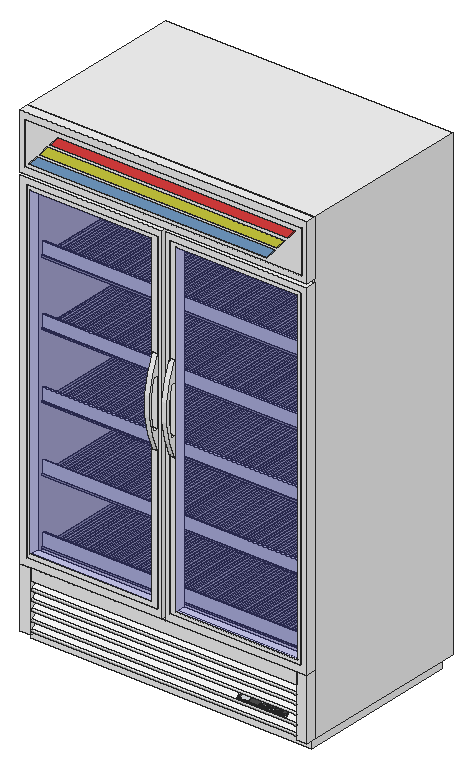
Revit family "QF_TRUE_GDM-43F-HC~TSL01", category Specialty Equipment, Revit 2016 (continued)
Definition of nested family "GDM-43F-HC~TSL01"
  Automatic sketch dimensions
    plane 3 "LEFT" to Extrusion 31 sketch curve = 2.02469"
    Extrusion 31 sketch curve to Extrusion 31 sketch curve = 1/2"  (x84)
    Extrusion 31 sketch curve to plane 7 "Center Y" = 0.03781"
    plane 7 "Center Y" to Extrusion 31 sketch curve = 0.46219"
    Extrusion 31 sketch curve to plane 6 "TOP" = 22.2375"
    Extrusion 31 sketch curve to Extrusion 31 sketch curve = 0"  (x86)
    Extrusion 32 sketch curve to plane 5 "FRONT" = 3 1/64"
    Extrusion 32 sketch curve to Extrusion 32 sketch curve = 1/4"
    Extrusion 32 sketch curve to plane 6 "TOP" = 22.2375"
    Extrusion 32 sketch curve to Extrusion 32 sketch curve = 2"
    plane 3 "LEFT" to Extrusion 33 sketch curve = 2.02469"
    Extrusion 33 sketch curve to Extrusion 33 sketch curve = 1/2"  (x84)
    Extrusion 33 sketch curve to plane 7 "Center Y" = 0.03781"
    plane 7 "Center Y" to Extrusion 33 sketch curve = 0.46219"
    Extrusion 33 sketch curve to plane 6 "TOP" = 32.95"
    Extrusion 33 sketch curve to Extrusion 33 sketch curve = 0"  (x86)
    plane 3 "LEFT" to Extrusion 34 sketch curve = 2.02469"
    Extrusion 34 sketch curve to Extrusion 34 sketch curve = 1/2"  (x84)
    Extrusion 34 sketch curve to plane 7 "Center Y" = 0.03781"
    plane 7 "Center Y" to Extrusion 34 sketch curve = 0.46219"
    plane 9 to Extrusion 34 sketch curve = 34.65"
    Extrusion 34 sketch curve to Extrusion 34 sketch curve = 0"  (x86)
    plane 3 "LEFT" to Extrusion 35 sketch curve = 2.02469"
    Extrusion 35 sketch curve to Extrusion 35 sketch curve = 1/2"  (x84)
    Extrusion 35 sketch curve to plane 7 "Center Y" = 0.03781"
    plane 7 "Center Y" to Extrusion 35 sketch curve = 0.46219"
    plane 9 to Extrusion 35 sketch curve = 23 15/16"
    Extrusion 35 sketch curve to Extrusion 35 sketch curve = 0"  (x86)
    plane 4 "RIGHT" to Extrusion 36 sketch curve = 1.08719"
    Extrusion 36 sketch curve to Extrusion 36 sketch curve = 1/4"  (x4)
    plane 3 "LEFT" to Extrusion 36 sketch curve = 1.33719"
    plane 1 "BACK" to Extrusion 36 sketch curve = 2 13/16"
    Extrusion 36 sketch curve to plane 5 "FRONT" = 3 1/8"
    Extrusion 37 sketch curve to plane 5 "FRONT" = 3 1/64"
    Extrusion 37 sketch curve to Extrusion 37 sketch curve = 1/4"
    plane 9 to Extrusion 37 sketch curve = 13.225"
    Extrusion 37 sketch curve to Extrusion 37 sketch curve = 2"
    plane 3 "LEFT" to Extrusion 38 sketch curve = 2.02469"
    Extrusion 38 sketch curve to Extrusion 38 sketch curve = 1/2"  (x84)
    Extrusion 38 sketch curve to plane 7 "Center Y" = 0.03781"
    plane 7 "Center Y" to Extrusion 38 sketch curve = 0.46219"
    plane 9 to Extrusion 38 sketch curve = 13.225"
    Extrusion 38 sketch curve to Extrusion 38 sketch curve = 0"  (x86)
    Extrusion 14 sketch curve to Extrusion 7 = 0"  (x5)
    Extrusion 7 to Extrusion 14 sketch curve = 2.03924"
    Extrusion 14 sketch curve to Extrusion 14 sketch curve = 0.60311"  (x5)
    Extrusion 7 to Extrusion 14 sketch curve = 0.14579"
    Extrusion 14 sketch curve to Extrusion 14 sketch curve = 0.39463"
    Extrusion 14 sketch curve to Extrusion 14 sketch curve = 0.20726"  (x10)
    Extrusion 7 to Extrusion 14 sketch curve = 0.42539"
    Extrusion 14 sketch curve to Extrusion 14 sketch curve = 0.89792"
    Extrusion 7 to Extrusion 14 sketch curve = 0.1412"
    Extrusion 14 sketch curve to Extrusion 14 sketch curve = 1.08961"
    Extrusion 7 to Extrusion 14 sketch curve = 0.42079"
    Extrusion 14 sketch curve to Extrusion 14 sketch curve = 0.91385"  (x3)
    Extrusion 7 to Extrusion 14 sketch curve = 0.16945"
    Extrusion 14 sketch curve to Extrusion 14 sketch curve = 1.08338"
    Extrusion 7 to Extrusion 14 sketch curve = 0.44905"
    Extrusion 7 to Extrusion 14 sketch curve = 0.14573"
    Extrusion 14 sketch curve to Extrusion 14 sketch curve = 1.11844"
    Extrusion 7 to Extrusion 14 sketch curve = 0.42533"
    Extrusion 7 to Extrusion 14 sketch curve = 0.14774"
    Extrusion 7 to Extrusion 14 sketch curve = 0.86633"
    Extrusion 14 sketch curve to Extrusion 14 sketch curve = 0.1398"
    radius of Extrusion 22 sketch curve = 1/2"
    radius of Extrusion 31 sketch curve = 1/8"  (x87)
    radius of Extrusion 33 sketch curve = 1/8"  (x87)
    radius of Extrusion 34 sketch curve = 1/8"  (x87)
    radius of Extrusion 35 sketch curve = 1/8"  (x87)
    radius of Extrusion 38 sketch curve = 1/8"  (x87)
  Nested families (in)
    nested 1: "QF_LOGO_TRUE" at (35.375, -29.65679, 4.32668), Show Logo <- "Show Logo", type "QF_LOGO_TRUE", detail levels medium+fine
      with Show Logo yes
  Definition of nested family "QF_LOGO_TRUE"
    Parameters (values of type "QF_LOGO_TRUE")
      Show Logo [instance] = yes
    Reference planes (in)
      plane 1 "Center (Front/Back)": y = 0
      plane 2: z = 0
      plane 3 "Center (Left/Right)": x = 0
    Forms (in)
      Extrusion 1, solid, visible <- "Show Logo"
        sketch origin (-78.34647, -4.42964, -46.04482) x (1, 0, 0) y (0, 0.81135, 0.584561)
          loop
            line (81.15226, 31.65456) -> (81.07353, 31.48573) -> (82.12083, 31.48573)
            arc (82.12083, 31.48573) -> (82.14208, 31.44814) -> (82.12083, 31.41055) r 0.04386
            line (82.12083, 31.41055) -> (81.84767, 30.82478)
            arc (81.84767, 30.82478) -> (81.84531, 30.77052) -> (81.882, 30.73048) r 0.07096
            line (81.882, 30.73048) -> (82.55165, 30.73048)
            arc (82.55165, 30.73048) -> (82.63621, 30.75714) -> (82.69019, 30.82748) r 0.14742
            line (82.69019, 30.82748) -> (82.90515, 31.28847) -> (83.10265, 31.28847)
            arc (83.10265, 31.28847) -> (83.15447, 31.26942) -> (83.14697, 31.21472) r 0.04405
            line (83.14697, 31.21472) -> (82.9671, 30.82899)
            arc (82.9671, 30.82899) -> (82.9699, 30.76493) -> (83.02398, 30.73048) r 0.06943
            line (83.02398, 30.73048) -> (83.6124, 30.73048)
            arc (83.6124, 30.73048) -> (83.65748, 30.74689) -> (83.68147, 30.78844) r 0.07014
            arc (83.68147, 30.78844) -> (83.69845, 30.74745) -> (83.73943, 30.73048) r 0.05796
            line (83.73943, 30.73048) -> (84.112, 30.73048)
            arc (84.112, 30.73048) -> (84.15504, 30.74201) -> (84.18655, 30.77352) r 0.08608
            arc (84.18655, 30.77352) -> (84.20164, 30.7371) -> (84.23806, 30.72202) r 0.0515
            line (84.23806, 30.72202) -> (84.76757, 30.72202)
            arc (84.76757, 30.72202) -> (84.81086, 30.73995) -> (84.8288, 30.78324) r 0.06122
            arc (84.8288, 30.78324) -> (84.86848, 30.74355) -> (84.92269, 30.72903) r 0.10842
            line (84.92269, 30.72903) -> (85.91461, 30.72903) -> (86.02479, 30.91987) -> (85.0243, 30.91987)
            arc (85.0243, 30.91987) -> (84.99669, 30.93902) -> (84.99566, 30.97261) r 0.03732
            line (84.99566, 30.97261) -> (85.01297, 31.00972)
            arc (85.01297, 31.00972) -> (85.03954, 31.04453) -> (85.0813, 31.05774) r 0.07263
            line (85.0813, 31.05774) -> (85.40289, 31.05774)
            arc (85.40289, 31.05774) -> (85.4723, 31.07633) -> (85.52311, 31.12715) r 0.13882
            line (85.52311, 31.12715) -> (85.61625, 31.28847)
            arc (85.61625, 31.28847) -> (85.61625, 31.37458) -> (85.54168, 31.41763) r 0.08611
            line (85.54168, 31.41763) -> (85.20227, 31.41763)
            arc (85.20227, 31.41763) -> (85.11574, 31.40294) -> (85.05538, 31.33923) r 0.13863
            line (85.05538, 31.33923) -> (84.89409, 30.99333)
            arc (84.89409, 30.99333) -> (84.84649, 30.9313) -> (84.77191, 30.90778) r 0.13002
            line (84.77191, 30.90778) -> (84.41984, 30.90778)
            arc (84.41984, 30.90778) -> (84.3777, 30.95378) -> (84.38042, 31.0161) r 0.08151
            line (84.38042, 31.0161) -> (84.56766, 31.41763) -> (84.44849, 31.41763) -> (84.25012, 30.99222)
            arc (84.25012, 30.99222) -> (84.21158, 30.94199) -> (84.15119, 30.92296) r 0.10527
            line (84.15119, 30.92296) -> (83.90842, 30.92296)
            arc (83.90842, 30.92296) -> (83.8674, 30.97642) -> (83.87619, 31.04323) r 0.08805
            line (83.87619, 31.04323) -> (84.05078, 31.41763) -> (83.92772, 31.41763) -> (83.72676, 30.98668)
            arc (83.72676, 30.98668) -> (83.68011, 30.94003) -> (83.61639, 30.92296) r 0.12745
            line (83.61639, 30.92296) -> (83.26484, 30.92296)
            arc (83.26484, 30.92296) -> (83.2017, 30.9524) -> (83.19563, 31.0218) r 0.06967
            line (83.19563, 31.0218) -> (83.31118, 31.26961) -> (83.47452, 31.26961)
            arc (83.47452, 31.26961) -> (83.50209, 31.35268) -> (83.56075, 31.41763) r 0.21289
            line (83.56075, 31.41763) -> (82.92244, 31.41763)
            arc (82.92244, 31.41763) -> (82.85151, 31.40191) -> (82.80242, 31.34834) r 0.12081
            line (82.80242, 31.34834) -> (82.6294, 30.9773)
            arc (82.6294, 30.9773) -> (82.58962, 30.93752) -> (82.53528, 30.92296) r 0.10869
            line (82.53528, 30.92296) -> (82.1542, 30.92296)
            arc (82.1542, 30.92296) -> (82.12446, 30.96315) -> (82.13012, 31.01283) r 0.06822
            line (82.13012, 31.01283) -> (82.38156, 31.48573) -> (83.01596, 31.48573) -> (83.09469, 31.65456) -> (82.46029, 31.65456) -> (82.53902, 31.8234) -> (82.31334, 31.8234) -> (82.23461, 31.65456) -> (81.15226, 31.65456)
          loop
            arc (85.15937, 31.26434) -> (85.13191, 31.25698) -> (85.1118, 31.23688) r 0.05494
            line (85.1118, 31.23688) -> (85.09547, 31.18665)
            arc (85.09547, 31.18665) -> (85.10304, 31.16837) -> (85.12133, 31.16079) r 0.02586
            line (85.12133, 31.16079) -> (85.39889, 31.16079)
            arc (85.39889, 31.16079) -> (85.41888, 31.16523) -> (85.43513, 31.1777) r 0.04731
            line (85.43513, 31.1777) -> (85.44863, 31.2402)
            arc (85.44863, 31.2402) -> (85.44466, 31.25693) -> (85.42914, 31.26434) r 0.01994
            line (85.42914, 31.26434) -> (85.15937, 31.26434)
          loop
            line (78.62961, 30.74125) -> (80.12032, 30.74125) -> (80.73891, 31.81268) -> (79.2482, 31.81268) -> (78.62961, 30.74125)
        from 34.76797 to 34.83173
      Extrusion 2, solid, visible <- "Show Logo"
        sketch origin (-142.84857, -6.74811, -47.69308) x (1, 0, 0) y (0, 0.81135, 0.584561)
          loop
            line (150.81107, 34.71978) -> (142.98607, 34.71978) -> (142.98607, 33.4921) -> (150.81107, 33.4921) -> (150.81107, 34.71978)
        from 34.75108 to 34.78125
      Extrusion 3, solid, visible <- "Show Logo"
        sketch origin (-142.84857, -6.74811, -47.69308) x (1, 0, 0) y (0, 0.81135, 0.584561)
          loop
            line (150.94857, 34.85727) -> (142.84857, 34.85727) -> (142.84857, 33.3546) -> (150.94857, 33.3546) -> (150.94857, 34.85727)
          loop
            line (142.98607, 34.71978) -> (142.98607, 33.4921) -> (150.81107, 33.4921) -> (150.81107, 34.71978) -> (142.98607, 34.71978)
        from 34.75108 to 34.81376
    Dimensions and locks (in)
      aligned and locked: level to plane 2
      aligned and locked: Extrusion 2 to Extrusion 3  (x2)
      aligned and locked: Extrusion 2 sketch curve to Extrusion 3
Definition of nested family "CASTER-LEGS"
  Parameters (values of type "CASTER-LEGS")
    Weight = ""
    URL Manufacturer = ""
    URL Cutsheet = ""
    URL = ""
    Type Mark [instance] = ""
    Status [instance] = ""
    Specification by User [instance] = ""
    Specification by Manufacturer = ""
    Show Siesmic Flanged [instance] = yes
    Show 6 Inches Legs [instance] = yes
    Show 4" Casters [instance] = yes
    Show 2.5 Casters [instance] = yes
    Serial Number = ""
    Seismic Rating = ""
    SMACNA No = ""
    Revision Code [instance] = ""
    Omniclass Number and Title = ""
    NAFEM Spec ID Number = ""
    Model = ""
    MasterSpec. = ""
    Manufacturer = ""
    Low Profile [instance] = yes
    Item Number [instance] = ""
    Installed By [instance] = ""
    Identify Quantity as Lot [instance] = yes
    Furnished By [instance] = ""
    Foodservice Equipment Identifier [instance] = yes
    Description = ""
    CSI MasterFormat = ""
    CSI Master Format = ""
    Assembly Code = ""
  Reference planes (in)
    plane 1: z = 0
    plane 2 "RIGHT": x = 0
    plane 3 "FRONT": y = 0
    plane 4 "TOP": z = 6
    plane 5: z = 2.125
    plane 6: z = 2.5
    plane 7: z = 6.25
  Forms (in)
    Revolve 1, solid, visible <- "Show 6 Inches Legs"
      sketch origin (11.12172, 0, 0) x (-1, 0, 0) y (0, 0, -1)
        loop
          line (11.12172, -6) -> (11.12172, 0) -> (10.62172, 0) -> (10.62172, -1.30261) -> (10.37172, -1.30261) -> (10.37172, -6) -> (11.12172, -6)
        axis (11.12172, 0) -> (11.12172, -6)
      angle from 0 to 360
    Extrusion 2, solid, visible <- "Show Siesmic Flanged"
      sketch origin (0, 0, 0) x (1, 0, 0) y (0, 1, 0)
        loop
          circle (-0.00825, 0) r 1
      from 0 to 0.125
    Revolve 3, solid, visible <- "Show Siesmic Flanged"
      sketch origin (11.12172, 0, 0) x (-1, 0, 0) y (0, 0, -1)
        loop
          line (11.12172, -6) -> (11.12172, -0.125) -> (10.62172, -0.125) -> (10.62172, -1.30261) -> (10.37172, -1.30261) -> (10.37172, -6) -> (11.12172, -6)
        axis (11.12172, -0.125) -> (11.12172, -6)
      angle from 0 to 360
  Dimensions and locks (in)
    plane 4 "TOP" to level = 6"  (x2)
    locked: Revolve 1 sketch curve to Revolve 1 sketch curve at 1.30261
    locked: Revolve 1 sketch curve to Revolve 1 sketch curve at 0.75
    plane 6 to plane 1 = 2 1/2"
    plane 5 to plane 1 = 2 1/8"
    plane 7 to plane 1 = 6 1/4"
    locked: Revolve 3 sketch curve to Revolve 3 sketch curve at 0.75
    aligned and locked: level to plane 1
  Nested families (in)
    nested 1: "C4" at (0, 0, 0), Show 4 Inches Casters <- "Show 4" Casters", visible <- "Show 4" Casters", type "C4"
      with Type Mark "", Specification by User "", Show 4 Inches Casters yes, Revision Code "", Item Number "", Installed By "", Identify Quantity as Lot yes, Furnished By "", Foodservice Equipment Identifier yes
    nested 2: "C2.5" at (0, -0.86941, 0), 2.5 Inches Caster <- "Show 2.5 Casters", visible <- "Show 2.5 Casters", type "C2.5"
      with Type Mark "", Status "", Specification by User "", Revision Code "", Item Number "", Installed By "", Identify Quantity as Lot yes, Furnished By "", Foodservice Equipment Identifier yes, 2.5 Inches Caster yes
  Definition of nested family "C4"
    Parameters
      Weight = ""
      URL Manufacturer = ""
      URL Cutsheet = ""
      URL = ""
      Type Mark [instance] = ""
      Specification by User [instance] = ""
      Specification by Manufacturer = ""
      Show 4 Inches Casters [instance] = yes
      Serial Number = ""
      Seismic Rating = ""
      SMACNA No = ""
      Revision Code [instance] = ""
      Omniclass Number and Title = ""
      NAFEM Spec ID Number = ""
      Model = ""
      MasterSpec. = ""
      Manufacturer = ""
      Item Number [instance] = ""
      Installed By [instance] = ""
      Identify Quantity as Lot [instance] = yes
      Furnished By [instance] = ""
      Foodservice Equipment Identifier [instance] = yes
      Description = ""
      CSI MasterFormat = ""
      CSI Master Format = ""
      Assembly Code = ""
    Reference planes (in)
      plane 1: z = 0
      plane 2 "RIGHT": x = 0
      plane 3 "FRONT": y = 0
      plane 4 "TOP": z = 4
    Forms (in)
      Revolve 1, solid, visible <- "Show 4 Inches Casters"
        sketch origin (-1.93794, 0.83816, -1.0041) x (1, 0, 0) y (0, 0, 1)
          loop
            line (0.74055, 2.5041) -> (3.15007, 2.5041) -> (3.15007, 2.5796) -> (3.10007, 2.6296) -> (3.04007, 2.6296) -> (3.04007, 2.74967) -> (2.62438, 2.74967) -> (2.62438, 2.93884) -> (2.48438, 3.01967) -> (2.45908, 3.17597) -> (2.51563, 3.17597) -> (2.51563, 3.41035) -> (2.48438, 3.41035) -> (2.48438, 4.0041) -> (1.375, 4.0041) -> (1.375, 3.41035) -> (1.34375, 3.41035) -> (1.34375, 3.17597) -> (1.4003, 3.17597) -> (1.37557, 3.02318) -> (1.235, 2.94202) -> (1.235, 2.74967) -> (0.85055, 2.74967) -> (0.85055, 2.6296) -> (0.79055, 2.6296) -> (0.74055, 2.5796) -> (0.74055, 2.5041)
          axis (0.74055, 2.5041) -> (3.15007, 2.5041)
        angle from 0 to 360
      Extrusion 2, solid, visible <- "Show 4 Inches Casters"
        sketch origin (-1.93794, 1.80294, -1.7541) x (0, 1, 0) y (0, 0, 1)
          loop
            line (-3.08794, 5.33423) -> (-3.08794, 5.00584) -> (-2.69466, 5.00584)
            arc (-2.69466, 5.00584) -> (-1.57175, 4.94895) -> (-0.46376, 4.75787) r 9.36411
            arc (-0.46376, 4.75787) -> (-0.05889, 4.58436) -> (0.28335, 4.30705) r 1.60049
            line (0.28335, 4.30705) -> (0.34449, 4.39437)
            arc (0.34449, 4.39437) -> (0.12713, 4.6163) -> (-0.1239, 4.79931) r 1.8753
            line (-0.1239, 4.79931) -> (-0.05749, 4.91421)
            arc (-0.05749, 4.91421) -> (-0.33807, 5.05694) -> (-0.64294, 5.13542) r 1.44292
            line (-0.64294, 5.13542) -> (-0.64294, 5.33423) -> (-3.08794, 5.33423)
        from 1.1267 to 2.74918
      Revolve 3, solid, visible <- "Show 4 Inches Casters"
        sketch origin (0, 2.15543, -2.25) x (0, 1, 0) y (0, 0, 1)
          loop
            line (-2.21793, 6.25) -> (-2.21793, 5.83014) -> (-1.05793, 5.83014) -> (-1.05793, 6.25) -> (-2.21793, 6.25)
          axis (-2.21793, 5.83014) -> (-2.21793, 6.25)
        angle from 0 to 360
      Extrusion 4, solid, visible <- "Show 4 Inches Casters"
        sketch origin (-1.93794, 1.80294, -1.7541) x (0, 1, 0) y (0, 0, 1)
          loop
            line (-3.08794, 5.33423) -> (-3.08794, 5.00584) -> (-2.8913, 5.00584)
            arc (-2.8913, 5.00584) -> (-2.09118, 4.14057) -> (-1.45681, 3.14736) r 6.63355
            arc (-1.45681, 3.14736) -> (-0.85703, 2.75969) -> (-0.4561, 3.35069) r 0.5107
            arc (-0.4561, 3.35069) -> (-0.27092, 3.92503) -> (0.24034, 4.24562) r 0.88136
            line (0.24034, 4.24562) -> (0.34449, 4.39437)
            arc (0.34449, 4.39437) -> (0.12713, 4.6163) -> (-0.1239, 4.79931) r 1.8753
            line (-0.1239, 4.79931) -> (-0.05749, 4.91421)
            arc (-0.05749, 4.91421) -> (-0.33807, 5.05694) -> (-0.64294, 5.13542) r 1.44292
            line (-0.64294, 5.13542) -> (-0.64294, 5.33423) -> (-3.08794, 5.33423)
        from 2.74918 to 2.90825
      Extrusion 5, solid, visible <- "Show 4 Inches Casters"
        sketch origin (1.93794, 1.80294, -1.7541) x (0, 1, 0) y (0, 0, -1)
          loop
            line (-3.08794, -5.33423) -> (-0.64294, -5.33423) -> (-0.64294, -5.13542)
            arc (-0.64294, -5.13542) -> (-0.33807, -5.05694) -> (-0.05749, -4.91421) r 1.44292
            line (-0.05749, -4.91421) -> (-0.1239, -4.79931)
            arc (-0.1239, -4.79931) -> (0.12713, -4.6163) -> (0.34449, -4.39437) r 1.8753
            line (0.34449, -4.39437) -> (0.24034, -4.24562)
            arc (0.24034, -4.24562) -> (-0.27092, -3.92503) -> (-0.4561, -3.35069) r 0.88136
            arc (-0.4561, -3.35069) -> (-0.85703, -2.75969) -> (-1.45681, -3.14736) r 0.5107
            arc (-1.45681, -3.14736) -> (-2.09118, -4.14057) -> (-2.8913, -5.00584) r 6.63355
            line (-2.8913, -5.00584) -> (-3.08794, -5.00584) -> (-3.08794, -5.33423)
        from 2.74918 to 2.90825
    Cuts and joins
      joined: Extrusion 2, Extrusion 4, Extrusion 5
    Lines and regions (in)
      symbolic lines, visible <- "Show 4 Inches Casters"
        curve 1: line (0.28481, 1.83041, 0) -> (1.24556, 1.27572, 0)
        curve 2: line (-1.26206, -0.84886, 0) -> (0.28481, 1.83041, 0)
        curve 3: line (-0.30132, -1.40355, 0) -> (-1.26206, -0.84886, 0)
        curve 4: line (1.24556, 1.27572, 0) -> (-0.30132, -1.40355, 0)
    Dimensions and locks (in)
      plane 4 "TOP" to level = 4"  (x2)
      aligned and locked: level to plane 1
  Definition of nested family "C2.5"
    Parameters
      Weight = ""
      URL Manufacturer = ""
      URL Cutsheet = ""
      URL = ""
      Type Mark [instance] = ""
      Status [instance] = ""
      Specification by User [instance] = ""
      Specification by Manufacturer = ""
      Serial Number = ""
      Seismic Rating = ""
      SMACNA No = ""
      Revision Code [instance] = ""
      Omniclass Number and Title = ""
      NAFEM Spec ID Number = ""
      Model = ""
      MasterSpec. = ""
      Manufacturer = ""
      Item Number [instance] = ""
      Installed By [instance] = ""
      Identify Quantity as Lot [instance] = yes
      Furnished By [instance] = ""
      Foodservice Equipment Identifier [instance] = yes
      Description = ""
      CSI MasterFormat = ""
      CSI Master Format = ""
      Assembly Code = ""
      2.5 Inches Caster [instance] = yes
    Reference planes (in)
      plane 1: z = 0
      plane 2 "RIGHT": x = 0
      plane 3 "FRONT": y = 0
      plane 4 "TOP": z = 2.5
    Forms (in)
      Revolve 1, solid, visible <- "2.5 Inches Caster"
        sketch origin (-1.93794, 0.83816, -1.0041) x (1, 0, 0) y (0, 0, 1)
          loop
            line (0.74055, 1.92597) -> (0.74055, 1.85047) -> (0.79055, 1.80047) -> (0.85055, 1.80047) -> (0.85055, 1.6804) -> (1.235, 1.6804) -> (1.235, 1.61305) -> (1.38673, 1.52545) -> (1.4003, 1.4416) -> (1.34375, 1.4416) -> (1.34375, 1.3166) -> (1.375, 1.3166) -> (1.375, 1.0041) -> (2.48438, 1.0041) -> (2.48438, 1.3166) -> (2.51563, 1.3166) -> (2.51563, 1.4416) -> (2.45908, 1.4416) -> (2.47322, 1.52897) -> (2.62438, 1.61624) -> (2.62438, 1.6804) -> (3.04007, 1.6804) -> (3.04007, 1.80047) -> (3.10007, 1.80047) -> (3.15007, 1.85047) -> (3.15007, 1.92597) -> (0.74055, 1.92597)
          axis (0.74055, 1.92597) -> (3.15007, 1.92597)
        angle from 0 to 360
      Extrusion 2, solid, visible <- "2.5 Inches Caster"
        sketch origin (-1.93794, 1.80294, -3.2541) x (0, 1, 0) y (0, 0, 1)
          loop
            line (-0.64294, 5.43229) -> (-0.64294, 5.55298) -> (-2.21294, 5.55298) -> (-2.21294, 5.30272) -> (-1.81966, 5.30272)
            arc (-1.81966, 5.30272) -> (-1.13638, 5.20789) -> (-0.46376, 5.05475) r 8.02767
            arc (-0.46376, 5.05475) -> (-0.19511, 4.95469) -> (0.05138, 4.80832) r 1.60049
            line (0.05138, 4.80832) -> (0.12713, 4.91318)
            arc (0.12713, 4.91318) -> (-0.07255, 5.06376) -> (-0.29048, 5.18644) r 1.8753
            line (-0.29048, 5.18644) -> (-0.22239, 5.30423)
            arc (-0.22239, 5.30423) -> (-0.42776, 5.38437) -> (-0.64294, 5.43229) r 1.44292
        from 1.17357 to 2.70231
      Revolve 3, solid, visible <- "2.5 Inches Caster"
        sketch origin (0, 2.10856, -3.75) x (0, 1, 0) y (0, 0, 1)
          loop
            line (-1.73858, 6.25) -> (-1.73858, 6.04889) -> (-1.05793, 6.04889) -> (-1.05793, 6.25) -> (-1.73858, 6.25)
          axis (-1.73858, 6.04889) -> (-1.73858, 6.25)
        angle from 0 to 360
      Extrusion 4, solid, visible <- "2.5 Inches Caster"
        sketch origin (-1.98481, 1.80294, -1.7541) x (0, 1, 0) y (0, 0, 1)
          loop
            line (-2.21294, 4.05298) -> (-2.21294, 3.80272) -> (-2.13999, 3.80272)
            arc (-2.13999, 3.80272) -> (-1.62379, 3.51899) -> (-1.39241, 2.97729) r 0.90292
            arc (-1.39241, 2.97729) -> (-1.36136, 2.78161) -> (-1.29729, 2.59413) r 1.15385
            arc (-1.29729, 2.59413) -> (-0.94802, 2.37355) -> (-0.6121, 2.61396) r 0.37001
            arc (-0.6121, 2.61396) -> (-0.59625, 2.66241) -> (-0.58446, 2.712) r 0.61695
            arc (-0.58446, 2.712) -> (-0.36134, 3.11665) -> (0.05609, 3.31484) r 0.75313
            line (0.05609, 3.31484) -> (0.12713, 3.41318)
            arc (0.12713, 3.41318) -> (-0.07255, 3.56376) -> (-0.29048, 3.68644) r 1.8753
            line (-0.29048, 3.68644) -> (-0.22239, 3.80423)
            arc (-0.22239, 3.80423) -> (-0.42776, 3.88437) -> (-0.64294, 3.93229) r 1.44292
            line (-0.64294, 3.93229) -> (-0.64294, 4.05298) -> (-2.21294, 4.05298)
        from 2.74918 to 2.90825
      Extrusion 5, solid, visible <- "2.5 Inches Caster"
        sketch origin (1.98481, 1.80294, -1.7541) x (0, 1, 0) y (0, 0, -1)
          loop
            line (-2.21294, -4.05298) -> (-0.64294, -4.05298) -> (-0.64294, -3.93229)
            arc (-0.64294, -3.93229) -> (-0.42776, -3.88437) -> (-0.22239, -3.80423) r 1.44292
            line (-0.22239, -3.80423) -> (-0.29048, -3.68644)
            arc (-0.29048, -3.68644) -> (-0.07255, -3.56376) -> (0.12713, -3.41318) r 1.8753
            line (0.12713, -3.41318) -> (0.05609, -3.31484)
            arc (0.05609, -3.31484) -> (-0.36134, -3.11665) -> (-0.58446, -2.712) r 0.75313
            arc (-0.58446, -2.712) -> (-0.59625, -2.66241) -> (-0.6121, -2.61396) r 0.61695
            arc (-0.6121, -2.61396) -> (-0.94802, -2.37355) -> (-1.29729, -2.59413) r 0.37001
            arc (-1.29729, -2.59413) -> (-1.36136, -2.78161) -> (-1.39241, -2.97729) r 1.15385
            arc (-1.39241, -2.97729) -> (-1.62379, -3.51899) -> (-2.13999, -3.80272) r 0.90292
            line (-2.13999, -3.80272) -> (-2.21294, -3.80272) -> (-2.21294, -4.05298)
        from 2.74918 to 2.90825
    Lines and regions (in)
      symbolic lines, visible <- "2.5 Inches Caster"
        curve 1: line (0.10651, 1.96132, 0) -> (0.80944, 1.55548, 0)
        curve 2: line (-0.89349, 0.22927, 0) -> (0.10651, 1.96132, 0)
        curve 3: line (-0.19056, -0.17657, 0) -> (-0.89349, 0.22927, 0)
        curve 4: line (0.80944, 1.55548, 0) -> (-0.19056, -0.17657, 0)
    Dimensions and locks (in)
      plane 4 "TOP" to level = 2 1/2"  (x2)
      aligned and locked: level to plane 1
